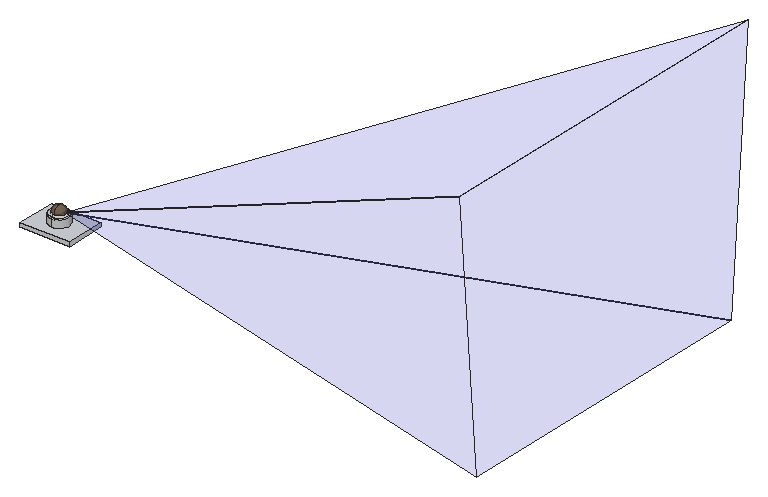
Revit family "Camera-Security-Canon-Fixed_Dome_Camera", category Security Devices, host Face, Revit 2012 (continued)
Definition of nested family "Standard Dome"
  Automatic sketch dimensions
    curve 3 to plane 6 = 0.000"
    plane 18 to curve 3 = 1.100"
    curve 3 to plane 19 = 1.100"
    Revolve 6 sketch curve to plane 6 = 1.08877"
    Revolve 6 sketch curve to Revolve 6 sketch curve = 0.47123"
    radius of curve 4 = 2.440"
Definition of nested family "Field of View"
  Parameters (values of type "Pyramid")
    z Visible Pyramid [instance] = z Type View = 1  # yes
    z Visible Cone [instance] = z Type View = 2  # no
    z View Range Length Actual [instance] = if(View Range Length < 1.000", 1.000", View Range Length)  # 1000.000"
    z Type View = 1
    z Room Top Actual [instance] = z Base - Room Depth Top Desired - (Camera Z * 0)  # 19800.000"
    z Room Bottom Actual [instance] = z Base - Room Depth Bottom Desired + (Camera Z * 0)  # 19800.000"
    z Lens Tilt Actual [instance] = (Lens Tilt + Lens Add Tilt) * if(Lens Flip Tilt, -1, 1)  # 0.000°
    z Lens Rotate Actual [instance] = (Lens Rotate + Lens Add Rotate) * if(Lens Flip Rotate, -1, 1)  # 0.000°
    z Lens Pan Actual [instance] = (Lens Pan + Lens Add Pan) * if(Lens Flip Pan, -1, 1)  # 0.000°
    z Filed of View Angle Half [instance] = if(1 = 1, 1, 1) * (Filed of View Angle / 2)  # 22.500°
    z Field of View Length Actual [instance] = z View Range Length Actual * if(z Camera Tilt Actual + z Lens Tilt Actual = 180.000°, -1, 1)  # 1000.000"
    z Camera Z Actual [instance] = z Base + Camera Z  # 20000.000"
    z Camera Y Actual [instance] = z Base - Camera Y  # 20000.000"
    z Camera X Actual [instance] = z Base + Camera X  # 20000.000"
    z Camera Tilt Actual [instance] = (Camera Tilt + Camera Add Tilt) * if(Camera Flip Tilt, -1, 1)  # 0.000°
    Camera Tilt [instance] = 0.000°
    z Camera Rotate Actual [instance] = (Camera Rotate + Camera Add Rotate) * if(Camera Flip Rotate, -1, 1)  # 0.000°
    Camera Rotate [instance] = 0.000°
    z Camera Pan Actual [instance] = (Camera Pan + Camera Add Pan) * if(Camera Flip Pan, -1, 1)  # 0.000°
    Camera Pan [instance] = 0.000°
    Lens Tilt [instance] = 0.000°
    Lens Rotate [instance] = 0.000°
    z Room Right Actual [instance] = z Base - Room Depth Right Desired - (Camera X * 0)  # 19800.000"
    z Room Left Actual [instance] = z Base - Room Depth Left Desired + (Camera X * 0)  # 19800.000"
    z Room Front Actual [instance] = z Base - Room Depth Front Desired - (Camera Y * 0)  # 19800.000"
    z Room Back Actual [instance] = z Base - Room Depth Back Desired + (Camera Y * 0)  # 19800.000"
    Room Depth Top Desired [instance] = 200.000"
    Room Depth Right Desired [instance] = 200.000"
    Room Depth Left Desired [instance] = 200.000"
    Room Depth Front Desired [instance] = 200.000"
    Room Depth Bottom Desired [instance] = 200.000"
    Room Depth Back Desired [instance] = 200.000"
    Lens Pan [instance] = 0.000°
    z Base [instance] = if(1 = 1, 1, 1) * (View Range Length * 20)  # 20000.000"
    z View Range Width [instance] = (View Range Length * tan(Field of View Horizontal / 2)) * 2  # 828.42712"
    View Range Length [instance] = 1000.000"
    z View Range Height [instance] = (View Range Length * tan(Field of View Vertical / 2)) * 2  # 828.42712"
    Lens Z [instance] = 0.000"
    Lens Y [instance] = 0.000"
    Lens X [instance] = 0.000"
    Lens Flip Tilt [instance] = no
    Lens Flip Rotate [instance] = no
    Lens Flip Pan [instance] = no
    Lens Add Tilt [instance] = 0.000°
    Lens Add Rotate [instance] = 0.000°
    Lens Add Pan [instance] = 0.000°
    Filed of View Angle [instance] = 45.000°
    Field of View Vertical [instance] = 45.000°
    Field of View Horizontal [instance] = 45.000°
    Camera Z [instance] = 0.000"
    Camera Y [instance] = 0.000"
    Camera X [instance] = 0.000"
    Camera Flip Tilt [instance] = no
    Camera Flip Rotate [instance] = no
    Camera Flip Pan [instance] = no
    Camera Add Tilt [instance] = 0.000°
    Camera Add Rotate [instance] = 0.000°
    Camera Add Pan [instance] = 0.000°
  Reference planes (in)
    plane 1 "Center (Front/Back)": y = 0
    plane 2 "Center (Elevation)": z = 0
    plane 3 "Center (Left/Right)": x = 0
    plane 4: y = -20000
    plane 5: y = 20000
    plane 6: x = 20000
    plane 7: x = -20000
    plane 8: x = -200
    plane 9: x = 200
    plane 10: y = -200
    plane 11: y = 200
    plane 12 "Lens Y": y = 0
    plane 13 "Lens X": x = 0
    plane 14: z = 200
    plane 15: z = 20000
    plane 16 "Lens Z": z = 0
    plane 17: z = -20000
    plane 18: z = -200
  Forms (in)
    Extrusion 1, void
      sketch origin (0, 0, 0) x (1, 0, 0) y (0, 1, 0)
        loop
          line (-20000, 20000) -> (-20000, -20000) -> (20000, -20000) -> (20000, 20000) -> (-20000, 20000)
        loop
          line (-200, -200) -> (200, -200) -> (200, 200) -> (-200, 200) -> (-200, -200)
      from -200 to 200
    Extrusion 2, void
      sketch origin (0, 0, 0) x (1, 0, 0) y (0, 0, 1)
        loop
          line (-20000, 20000) -> (-20000, 200) -> (20000, 200) -> (20000, 20000) -> (-20000, 20000)
        loop
          line (-20000, -20000) -> (20000, -20000) -> (20000, -200) -> (-20000, -200) -> (-20000, -20000)
      from -20000 to 20000
    Blend 3, solid, material "Field of View", visible <- "z Visible Pyramid"
      base sketch origin (-0.70711, -0.70711, 0) x (0, -1, 0) y (1, 0, 0)
        loop
          line (-0.72261, 0.69161) -> (-0.69161, 0.69161) -> (-0.69161, 0.72261) -> (-0.72261, 0.72261) -> (-0.72261, 0.69161)
      top sketch origin (-0.70711, -0.70711, 0) x (0, -1, 0) y (1, 0, 0)
        loop
          line (-414.92067, -413.50646) -> (413.50646, -413.50646) -> (413.50646, 414.92067) -> (-414.92067, 414.92067) -> (-414.92067, -413.50646)
      from 0 to 1000 <- "z Field of View Length Actual"
  Cuts and joins
    Extrusion 1, Extrusion 2 cuts Blend 3
  Lines and regions (in)
    reference lines
      curve 1: line (0, 1.5, 0) -> (0, -1.5, 0)
      curve 2: line (-1.5, 0, 0) -> (1.5, 0, 0)
      curve 3: line (0, 1, 0) -> (0, -1, 0)
      curve 4: line (1, 0, 0) -> (-1, 0, 0)
  Dimensions and locks (in)
    "z Room Back Actual": plane 11 to plane 5
    "z Room Front Actual": plane 4 to plane 10
    "z Room Left Actual": plane 7 to plane 8
    "z Room Right Actual": plane 9 to plane 6
    "z Camera Y Actual": plane 4 to plane 12 "Lens Y"
    "z Camera X Actual": plane 7 to plane 13 "Lens X"
    "z Camera Z Actual": plane 16 "Lens Z" to plane 17
    "z Room Top Actual": plane 15 to plane 14
    "z Base": plane 7 to plane 3 "Center (Left/Right)"
    "z Base": plane 3 "Center (Left/Right)" to plane 6
    "z Base": plane 4 to plane 1 "Center (Front/Back)"
    "z Base": plane 1 "Center (Front/Back)" to plane 5
    "z Base": plane 15 to plane 2 "Center (Elevation)"
    "z Base": plane 2 "Center (Elevation)" to plane 17
    equal spacing: Blend 3 sketch curve, curve 1, Blend 3 sketch curve  (x2)
    equal spacing: Blend 3 sketch curve, curve 2, Blend 3 sketch curve  (x2)
    locked: Blend 3 sketch curve to Blend 3 sketch curve at 0.031  (x2)
    "z View Range Height": Blend 3 sketch curve to Blend 3 sketch curve
    "z View Range Width": Blend 3 sketch curve to Blend 3 sketch curve
    "z Room Bottom Actual": plane 18 to plane 17
    aligned and locked: plane 2 "Center (Elevation)" to level
    aligned and locked: Extrusion 1 sketch curve to plane 5
    aligned and locked: Extrusion 1 sketch curve to plane 7
    aligned and locked: Extrusion 1 sketch curve to plane 4
    aligned and locked: Extrusion 1 sketch curve to plane 6
    aligned and locked: Extrusion 1 sketch curve to plane 10
    aligned and locked: Extrusion 1 sketch curve to plane 8
    aligned and locked: Extrusion 1 sketch curve to plane 11
    aligned and locked: Extrusion 1 sketch curve to plane 9
    aligned and locked: Extrusion 1 to plane 14
    aligned and locked: Extrusion 2 sketch curve to plane 15
    aligned and locked: plane 7 to Extrusion 2 sketch curve  (x2)
    aligned and locked: Extrusion 2 sketch curve to plane 6  (x2)
    aligned and locked: Extrusion 2 sketch curve to plane 17
    aligned and locked: Extrusion 2 sketch curve to plane 14
    aligned and locked: Extrusion 2 to plane 4
    aligned and locked: Extrusion 2 to plane 5
    aligned and locked: Extrusion 2 sketch curve to plane 18
    aligned and locked: Extrusion 1 to plane 18
    aligned and locked: nested 5 to plane 12 "Lens Y"
    aligned and locked: nested 5 to plane 13 "Lens X"
  Automatic sketch dimensions
    curve 1 to curve 2 = 1.500"  (x2)
    curve 2 to curve 1 = 1.500"  (x2)
    curve 3 to curve 3 = 2.000"
    curve 4 to curve 3 = 1.000"  (x2)
    curve 3 to curve 4 = 1.000"
  Nested families (in)
    nested 1: "Family2" at (0, 0, 0) x (0, 1, 0) z (0, 0, 1), z Angle Rotate <- "z Lens Rotate Actual", z Offset Z <- "Lens Z", z Offset Y <- "Lens Y", z Offset X <- "Lens X", type "Standard", not visible
      with z Offset Z Actual 100.000", z Offset Z 0.000", z Offset Y Actual 100.000", z Offset Y 0.000", z Offset X Actual 100.000", z Offset X 0.000", z Base 100.000", z Angle Rotate 0.000°, Material none, Has Snap Locations yes
    nested 2: "Family2" at (0, 0, 0) x (0, -1, 0) z (1, 0, 0), z Angle Rotate <- "z Lens Tilt Actual", type "Standard", not visible
      with z Offset Z Actual 30.000", z Offset Z 0.000", z Offset Y Actual 30.000", z Offset Y 0.000", z Offset X Actual 30.000", z Offset X 0.000", z Base 30.000", z Angle Rotate 0.000°, Material none, Has Snap Locations yes
    nested 3: "Family2" at (0, 0, 0), z Angle Rotate <- "z Lens Pan Actual", type "Standard", not visible
      with z Offset Z Actual 30.000", z Offset Z 0.000", z Offset Y Actual 30.000", z Offset Y 0.000", z Offset X Actual 30.000", z Offset X 0.000", z Base 30.000", z Angle Rotate 0.000°, Material none, Has Snap Locations yes
    nested 4: "Family2" at (0, 0, 0) x (-1, 0, 0) z (0, -1, 0), type "Standard", not visible
      with z Offset Z Actual 30.000", z Offset Z 0.000", z Offset Y Actual 30.000", z Offset Y 0.000", z Offset X Actual 30.000", z Offset X 0.000", z Base 30.000", z Angle Rotate 0.000°, Material none, Has Snap Locations yes
    nested 5: "Family2" at (0, 0, 0) x (0, 1, 0) z (0, 0, 1), z Angle Rotate <- "z Camera Rotate Actual", type "Standard", not visible
      with z Offset Z Actual 35.000", z Offset Z 0.000", z Offset Y Actual 35.000", z Offset Y 0.000", z Offset X Actual 35.000", z Offset X 0.000", z Base 35.000", z Angle Rotate 0.000°, Material none, Has Snap Locations yes
    nested 6: "Family2" at (0, 0, 0) x (0, -1, 0) z (1, 0, 0), z Angle Rotate <- "z Camera Tilt Actual", type "Standard", not visible
      with z Offset Z Actual 30.000", z Offset Z 0.000", z Offset Y Actual 30.000", z Offset Y 0.000", z Offset X Actual 30.000", z Offset X 0.000", z Base 30.000", z Angle Rotate 0.000°, Material none, Has Snap Locations yes
    nested 7: "Family2" at (0, 0, 0), z Angle Rotate <- "z Camera Pan Actual", type "Standard", not visible
      with z Offset Z Actual 30.000", z Offset Z 0.000", z Offset Y Actual 30.000", z Offset Y 0.000", z Offset X Actual 30.000", z Offset X 0.000", z Base 30.000", z Angle Rotate 0.000°, Material none, Has Snap Locations yes
    nested 8: "Family2" at (0, 0, 0) x (-1, 0, 0) z (0, -1, 0), type "Standard", not visible
      with z Offset Z Actual 30.000", z Offset Z 0.000", z Offset Y Actual 30.000", z Offset Y 0.000", z Offset X Actual 30.000", z Offset X 0.000", z Base 30.000", z Angle Rotate 0.000°, Material none, Has Snap Locations yes
  Definition of nested family "Family2"
    Parameters (values of type "Standard")
      z Offset Z Actual [instance] = z Base + z Offset Z  # 30.000"
      z Offset Z [instance] = 0.000"
      z Offset Y Actual [instance] = z Base + z Offset Y  # 30.000"
      z Offset Y [instance] = 0.000"
      z Offset X Actual [instance] = z Base + z Offset X  # 30.000"
      z Offset X [instance] = 0.000"
      z Base [instance] = 30.000"
      z Angle Rotate [instance] = 0.000°
      Material [instance] = none
      Has Snap Locations [instance] = yes
    Reference planes (in)
      plane 1 "Center (Front/Back)": y = 0
      plane 2 "Center (Elevation)": z = 0
      plane 3 "Center (Left/Right)": x = 0
      plane 4: through (26.9972, 28.43381, 9.92971) normal (-0.9218, 0.2818, 0.2661)
      plane 5: through (15.53727, 31.93746, 9.30168) normal (-0.8902, 0.2721, -0.3654)
      plane 6: through (16.43815, 31.66203, -8.67365) normal (0.8902, -0.2721, 0.3654)
      plane 7: through (13.12273, 32.67566, 0.15701) normal (-0.05, 0.0153, 0.9986)
      plane 8: through (9.8073, 33.68929, 8.98767) normal (-0.9218, 0.2818, 0.2661)
      plane 9: through (4.97822, 35.16569, -9.30168) normal (0.955, -0.292, 0.0523)
      plane 10: through (4.97822, 35.16569, -9.30168) normal (-0.05, 0.0153, 0.9986)
      plane 11: y = -30
      plane 12: x = -30
      plane 13: y = 0
      plane 14: x = 0
      plane 15: z = 0
      plane 16: z = -30
    Forms (in)
      Extrusion 1, solid, material <- "Material", visible <- "Has Snap Locations"
        sketch origin (0, 0, 0) x (1, 0, 0) y (0, 0, 1)
          loop
            arc (0.70711, 0.70711) -> (-1, 0) -> (0.70711, -0.70711) r 1
            line (0.70711, -0.70711) -> (0.70711, 0.70711)
        from -0.5 to 0
    Lines and regions (in)
      reference lines
        curve 1: line (0, 0, 0) -> (1, 0, 0)
        curve 2: line (0, 0, 1) -> (0, 0, -1)
        curve 3: line (-1, 0, 0) -> (1, 0, 0)
    Dimensions and locks (in)
      "z Base": plane 11 to plane 1 "Center (Front/Back)"
      "z Base": plane 12 to plane 3 "Center (Left/Right)"
      "z Base": plane 2 "Center (Elevation)" to plane 16
      "z Offset Z Actual": plane 15 to plane 16
      "z Offset X Actual": plane 12 to plane 14
      "z Offset Y Actual": plane 13 to plane 11
      "z Angle Rotate": angle curve 1 to plane 1 "Center (Front/Back)"
      aligned and locked: plane 2 "Center (Elevation)" to level
      aligned and locked: plane 14 to curve 1
      aligned and locked: plane 13 to curve 1
    Automatic sketch dimensions
      Extrusion 1 sketch curve to curve 1 = 0.000"  (x2)
      Extrusion 1 sketch curve to curve 1 = 0.29289"
      Extrusion 1 sketch curve to curve 1 = 0.70711"
      curve 3 to curve 1 = 0.000"  (x2)
      curve 1 to curve 2 = 0.000"
      curve 2 to curve 1 = 1.000"
      curve 1 to curve 2 = 1.000"
      curve 3 to curve 1 = 1.000"
Definition of nested family "Security Camera Symbol 2"
  Parameters (values of type "PTZ Camera")
    z Visible [instance] = yes
    z Rotation [instance] = 0.000°
  Reference planes (in)
    plane 1: y = 0
    plane 2: x = 0
  Lines and regions (in)
    Masking region 1, visible <- "z Visible"
      outline origin (0, 0, 0) x (1, 0, 0) y (0, 1, 0)
        loop
          circle (0, 0) r 0.16623
    detail lines, visible <- "z Visible"
      curve 1: line (-0.10178, 0.0548, 0) -> (0.04949, 0.0548, 0)
      curve 2: line (-0.10178, -0.0548, 0) -> (-0.10178, 0.0548, 0)
      curve 3: line (0.04949, -0.0548, 0) -> (-0.10178, -0.0548, 0)
      curve 4: line (0.04949, 0.0548, 0) -> (0.04949, -0.0548, 0)
      curve 5: line (0.04949, 0, 0) -> (0.1043, 0.0548, 0)
      curve 6: line (0.1043, 0.0548, 0) -> (0.1043, -0.0548, 0)
      curve 7: line (0.1043, -0.0548, 0) -> (0.04949, 0, 0)
    reference lines
      curve 8: line (0, 0, 0) -> (0.45859, 0, 0)
  Dimensions and locks (in)
    "z Rotation": angle curve 8 to plane 1
  Automatic sketch dimensions
    Masking region 1 sketch curve to curve 8 = 0.000"  (x2)
    plane 1 to curve 8 = 0.000"
    curve 8 to plane 2 = 0.000"
    curve 8 to curve 5 = 0.000"
    curve 8 to curve 7 = 0.000"
    curve 3 to curve 8 = 0.10178"
    curve 8 to curve 3 = 0.04949"
    curve 3 to curve 6 = 0.0548"
    curve 4 to curve 8 = 0.0548"
    curve 3 to curve 6 = 0.000"
    curve 5 to curve 8 = 0.0548"
    curve 2 to curve 8 = 0.0548"
    radius of Masking region 1 sketch curve = 0.16623"
Types (2): name | zz YesNo 21 | zz YesNo 2 | zz YesNo 15 | zz YesNo 13 | zz Length 76 | zz Length 65 | zz Length 56 | zz Length 49 | zz Length 47 | zz Length 40 | zz Length 4 | zz Length 32 | zz Length 21 | zz Length 11 | zz Length 10 | zz Integer 2 | zz Integer 1 | zz Angle 6 | zz Angle 4 | Has Pole Mount Stainless Steel | Width | Weight | Rotation Desired | Resolution | Product Page URL | Product Documentation Link | Part Number | Part Description | Operating Conditions | Mount Part Number | Megapixels | Height | Has Smoked Dome | Has Junction Box Mounting Kit | Has No Mount | Has Heater | Has Clear Dome | Effective Pixels | Mount Selection | Vandal Resistant Housing
  1.3 MP - Fixed | yes | yes | no | no | 37.640" | 1.000" | -1.8739" | 0.000" | 104.000" | 0.000" | 20.000" | 30.000" | 69.910" | 1.000" | 1.000" | 1 | 14 | 90.000° | 180.000° | no | 6.460" | 4.211 lbf | 180.000° | "JPEG, H.264: 1280 x 720, 640 x 360, 320 x 180, 1280 x 960, 640 x 480, 320 x 240" | "http://www.usa.canon.com/cusa/office/products/hardware/network_video_solutions/dome_network_cameras/vb_m620d" | "http://www.usa.canon.com/cusa/professional/products/network_video_solutions/dome_network_cameras/vb_m620d#Specifications" | "VB-M620VE" | "1.3 Megapixel Fixed Dome Network Camera with Vandal Resistant Case" | "Temperature: -30°C – +50°C (-22°F – +122°F)\n  Equipped with separately sold Heater Unit HU600-VB" | "None Selected" | "1.3" | 5.790" | no | no | yes | no | yes | "1.3 Million Pixels" | "No Mount" | yes
  2.1 MP - Fixed | no | no | yes | yes | 2.570" | 4.000" | 1.8739" | 11.170" | 2.570" | -1.811" | 18.189" | 41.170" | 2.445" | 7.000" | 7.000" | 2 | 6 | 0.000° | 0.000° | yes | 6.100" | 2.624 lbf | 0.000° | "JPEG, H.264: 1920 x 1080, 960 x 540, 480 x 270, 1280 x 720, 640 x 360, 320 x 180, 1280 x 960, 640 x 480, 320 x 240" | "http://www.usa.canon.com/cusa/office/products/hardware/network_video_solutions/dome_network_cameras/vb_h630d" | "http://www.usa.canon.com/cusa/professional/products/network_video_solutions/dome_network_cameras/vb_h630d#Specifications" | "ERROR: Heater is Only Available with Vandal Resistant Housing" | "2.1 Megapixel Fixed Dome Network Camera" | "Temperature:  -10°C - +50°C (+14°F - +122°F)" | "ERROR: Select One Mount Option" | "2.1" | 5.510" | yes | yes | no | yes | no | "2.1 Million Pixels" | "ERROR: Select One Mount Option" | no
